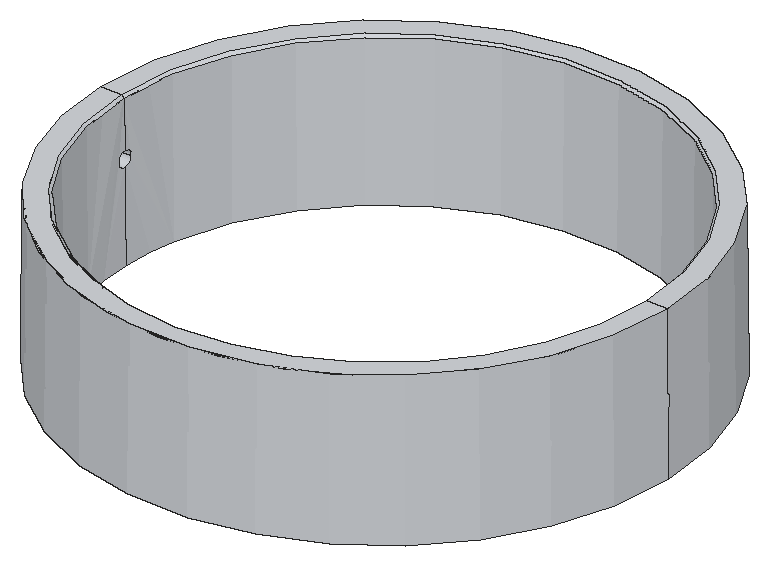
Revit family "Кольцо 2000х590 без замка КС 20.6", category Обобщенные модели, Revit 2023
Family settings
  Может служить основой для арматурных стержней = Нет
  Размер круглого соединителя = Использовать диаметр
  Тип детали = Нормальный
  На основе рабочей плоскости = Нет
  Всегда вертикально = Да
  При загрузке вырезать с полостями = Нет
  Сохранять ориентацию аннотаций = Нет
  Общий = Нет
  Точка принадлежности помещению = Нет
Parameters (values of type "Кольцо 2000х590 без замка КС 20.6")
  фаска = 10 mm
  толщ_на_h2_расч = (t1 - t2) / 2 * (h1 + h2) / ADSK_Размер_Высота + 10 mm  # 15.72 mm
  толщ_на_h1_расч = (t1 - t2) / 2 * h1 / ADSK_Размер_Высота + 10 mm  # 13.136 mm
  сужение_низ = 5 mm
  вырез2 = no
  вырез1 = yes
  Отметка по умолчанию = 0 mm
  t2 = 90 mm
  t1 = 100 mm
  h2 = 305 mm
  h1 = 370 mm
  ADSK_Размер_Диаметр = 2020 mm
  ADSK_Размер_Высота = 590 mm
  ADSK_Масса = 935
Reference planes
  plane 1 "По центру (Вперед/Назад)": y = 0
  plane 2: z = 0
  plane 3 "По центру (Влево/Вправо)": x = 0
  plane 4: x = 1010
  plane 5: x = -1010
  plane 6: y = 1010
  plane 7: y = -1010
  plane 8: z = 590
  plane 9: x = -1105
  plane 10: x = 1105
  plane 11: y = 1105
  plane 12: y = -1105
  plane 13: y = 1100
  plane 14: y = -1100
  plane 15: x = -1100
  plane 16: x = 1100
  plane 17: z = 370
  plane 18: z = 675
  plane 19: y = 1005
  plane 20: y = -1005
  plane 21: x = -1005
  plane 22: x = 1005
  plane 23: x = -1089.28
  plane 24: x = -1091.864
  plane 25: x = 1089.28
  plane 26: x = 1091.864
  plane 27: x = -1020
  plane 28: z = 580
Forms (mm)
  Extrusion 1, void, detail levels medium+fine
    sketch origin (0, 0, 0) x (0, -1, 0) y (0, 0, 1)
      loop
        circle (0, 675) r 30
    from -1089.28 to 1089.28
  Extrusion 2, void, detail levels medium+fine
    sketch origin (0, 0, 0) x (0, -1, 0) y (0, 0, 1)
      loop
        circle (0, 370) r 30
    from -1091.864 to 1091.864
  Revolve 3, solid
    sketch origin (0, 0, 0) x (1, 0, 0) y (0, 0, 1)
      loop
        line (-1105, 0) -> (-1005, 0) -> (-1010, 580) -> (-1020, 590) -> (-1100, 590) -> (-1105, 0)
      axis (0, 590) -> (0, 0)
    angle from 0 to 360
Cuts and joins
  Extrusion 1, Extrusion 2 cuts Revolve 3
Dimensions and locks
  equal spacing: plane 5, plane 3 "По центру (Влево/Вправо)", plane 4
  equal spacing: plane 7, plane 1 "По центру (Вперед/Назад)", plane 6
  "ADSK_Размер_Диаметр": plane 5 to plane 4
  "ADSK_Размер_Диаметр": plane 7 to plane 6
  "t1": plane 9 to plane 21
  "t1": plane 22 to plane 10
  "t2": plane 6 to plane 13
  "t2": plane 14 to plane 7
  "t2": plane 15 to plane 5
  "t2": plane 4 to plane 16
  "h1": plane 17 to level
  "h2": plane 18 to plane 17
  "ADSK_Размер_Высота": plane 8 to level
  "сужение_низ": plane 5 to plane 21
  "сужение_низ": plane 22 to plane 4
  "сужение_низ": plane 19 to plane 6
  "сужение_низ": plane 7 to plane 20
  "t1": plane 12 to plane 20
  "t1": plane 19 to plane 11
  "толщ_на_h2_расч": plane 23 to plane 9
  "толщ_на_h1_расч": plane 24 to plane 9
  "толщ_на_h2_расч": plane 10 to plane 25
  "толщ_на_h1_расч": plane 10 to plane 26
  "фаска": plane 8 to plane 28
  "фаска": plane 5 to plane 27
  aligned and locked: level to plane 2
  aligned and locked: Extrusion 1 to plane 23
  aligned and locked: Extrusion 2 to plane 24
  aligned and locked: plane 25 to Extrusion 1
  aligned and locked: plane 26 to Extrusion 2
Automatic sketch dimensions
  Extrusion 1 sketch curve to plane 1 "По центру (Вперед/Назад)" = 0 mm
  Extrusion 1 sketch curve to plane 18 = 0 mm
  Extrusion 2 sketch curve to plane 1 "По центру (Вперед/Назад)" = 0 mm
  Extrusion 2 sketch curve to plane 17 = 0 mm
  Revolve 3 sketch curve to level = 0 mm
  Revolve 3 sketch curve to plane 9 = 0 mm
  Revolve 3 sketch curve to plane 8 = 0 mm
  Revolve 3 sketch curve to plane 15 = 0 mm
  Revolve 3 sketch curve to plane 27 = 0 mm
  Revolve 3 sketch curve to plane 5 = 0 mm
  Revolve 3 sketch curve to plane 21 = 0 mm
  Revolve 3 sketch curve to plane 28 = 0 mm
  radius of Extrusion 1 sketch curve = 30 mm
  radius of Extrusion 2 sketch curve = 30 mm
